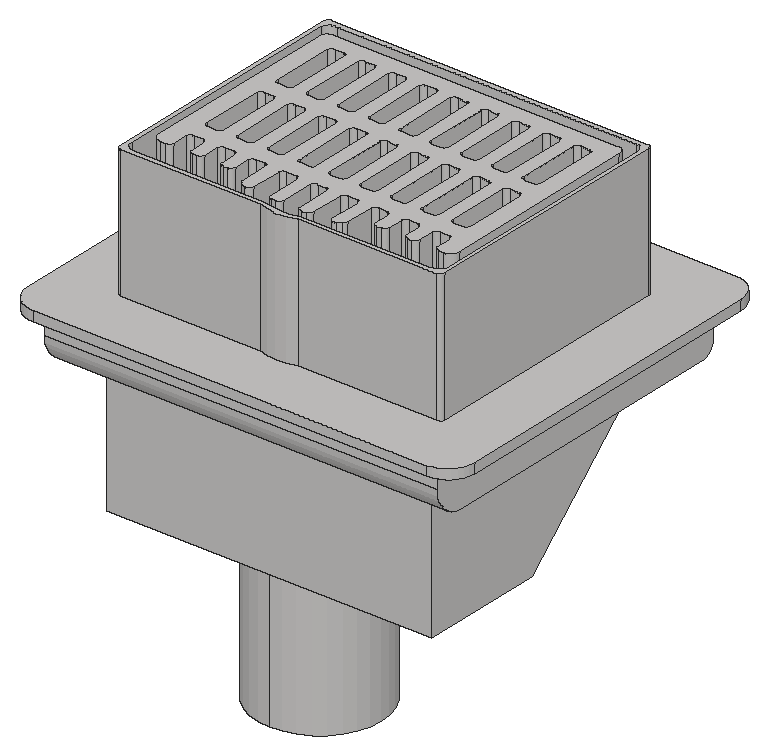
Revit family "Drain_Pit_Zurn_Z1739", category Plumbing Fixtures, host Face, Revit 2022 (continued)
Definition of nested family "Butt-Weld"
  Dimensions and locks (in)
    aligned and locked: Extrusion 2 to plane 13
    aligned and locked: plane 14 to Extrusion 2
    aligned and locked: Extrusion 3 to plane 16
    aligned and locked: Extrusion 3 to plane 15
    aligned and locked: Sweep 4 sketch curve to plane 1 "Center (Front/Back)"
    aligned and locked: plane 5 to Sweep 4 sketch curve
    aligned and locked: Extrusion 3 to Sweep 4 sketch curve
    aligned and locked: Extrusion 5 to level
    aligned and locked: plane 4 "Grate Plane" to Extrusion 5
    aligned and locked: Extrusion 5 to plane 19
    aligned and locked: plane 20 to Extrusion 5
    aligned and locked: plane 17 to Extrusion 5
    aligned and locked: Extrusion 5 to plane 18
    aligned and locked: plane 3 "Center (Left/Right)" to Extrusion 5 sketch curve  (x2)
    aligned and locked: plane 1 "Center (Front/Back)" to Extrusion 5 sketch curve  (x2)
    aligned and locked: plane 16 to Masking region 1 sketch curve
    aligned and locked: Masking region 1 to Masking region 1
    aligned and locked: plane 1 "Center (Front/Back)" to curve 169
    aligned and locked: plane 3 "Center (Left/Right)" to curve 169
    aligned and locked: plane 1 "Center (Front/Back)" to curve 158
    aligned and locked: plane 3 "Center (Left/Right)" to curve 158
  Automatic sketch dimensions
    Extrusion 1 sketch curve to plane 11 = 0.000"
    Extrusion 1 sketch curve to plane 10 = 0.000"
    Extrusion 1 sketch curve to plane 9 = 0.000"
    Extrusion 1 sketch curve to plane 12 = 0.000"
    plane 11 to Extrusion 1 sketch curve = 0.7874"  (x2)
    Extrusion 1 sketch curve to plane 15 = 0.66612"
    plane 14 to Extrusion 1 sketch curve = 0.0126"
    Extrusion 2 sketch curve to plane 13 = 0.000"
    plane 16 to Extrusion 2 sketch curve = 0.000"
    Extrusion 2 sketch curve to level = 0.000"
    Extrusion 2 sketch curve to plane 14 = 0.000"
    Extrusion 2 sketch curve to plane 15 = 0.17812"
    Extrusion 2 sketch curve to Extrusion 2 sketch curve = 0.375"
    Extrusion 6 sketch curve to Extrusion 6 sketch curve = 0.000"  (x7)
    Extrusion 6 sketch curve to plane 22 = 0.000"  (x9)
    Extrusion 6 sketch curve to plane 23 = 0.000"  (x9)
    Extrusion 6 sketch curve to plane 21 = 0.000"  (x9)
    plane 19 to Extrusion 6 sketch curve = 0.34424"
    Extrusion 6 sketch curve to Extrusion 6 sketch curve = 0.250"  (x34)
    Extrusion 6 sketch curve to Extrusion 6 sketch curve = 0.15625"  (x2)
    plane 24 to Extrusion 6 sketch curve = 0.12492"  (x11)
    plane 19 to Extrusion 6 sketch curve = 0.87549"
    Extrusion 6 sketch curve to Extrusion 6 sketch curve = 0.125"  (x50)
    plane 22 to Extrusion 6 sketch curve = 0.125"  (x3)
    plane 1 "Center (Front/Back)" to Extrusion 6 sketch curve = 0.05179"  (x13)
    Extrusion 6 sketch curve to plane 24 = 0.00008"  (x7)
    Extrusion 6 sketch curve to plane 23 = 0.125"  (x11)
    Extrusion 6 sketch curve to plane 21 = 0.125"  (x12)
    Extrusion 6 sketch curve to Extrusion 6 sketch curve = 0.375"  (x17)
    plane 25 to Extrusion 6 sketch curve = 0.00004"  (x4)
    Extrusion 6 sketch curve to Extrusion 6 sketch curve = 0.2786"
    Extrusion 6 sketch curve to plane 3 "Center (Left/Right)" = 0.24951"  (x2)
    Extrusion 6 sketch curve to plane 3 "Center (Left/Right)" = 0.2209"
    Extrusion 6 sketch curve to plane 3 "Center (Left/Right)" = 0.12451"  (x4)
    Extrusion 6 sketch curve to plane 3 "Center (Left/Right)" = 0.00385"
    plane 3 "Center (Left/Right)" to Extrusion 6 sketch curve = 0.00049"
    plane 3 "Center (Left/Right)" to Extrusion 6 sketch curve = 0.0291"
    plane 3 "Center (Left/Right)" to Extrusion 6 sketch curve = 0.12115"
    plane 3 "Center (Left/Right)" to Extrusion 6 sketch curve = 0.12549"  (x4)
    Extrusion 6 sketch curve to Extrusion 6 sketch curve = 0.25435"
    plane 1 "Center (Front/Back)" to Extrusion 6 sketch curve = 0.05182"
    Extrusion 6 sketch curve to Extrusion 6 sketch curve = 0.12504"
    plane 1 "Center (Front/Back)" to Extrusion 6 sketch curve = 0.05175"
    Extrusion 6 sketch curve to Extrusion 6 sketch curve = 0.28027"
    Extrusion 6 sketch curve to Extrusion 6 sketch curve = 0.24902"
    plane 1 "Center (Front/Back)" to Extrusion 6 sketch curve = 0.35251"  (x2)
    Extrusion 6 sketch curve to Extrusion 6 sketch curve = 0.42569"
    Extrusion 6 sketch curve to Extrusion 6 sketch curve = 0.42573"  (x3)
    plane 18 to Extrusion 6 sketch curve = 0.58845"  (x2)
    Extrusion 6 sketch curve to Extrusion 6 sketch curve = 0.06598"  (x2)
    plane 18 to Extrusion 6 sketch curve = 0.47166"
    plane 18 to Extrusion 6 sketch curve = 0.4681"
    Extrusion 6 sketch curve to Extrusion 6 sketch curve = 0.01969"  (x2)
    Extrusion 6 sketch curve to plane 8 = 0.70807"
    Extrusion 6 sketch curve to Extrusion 6 sketch curve = 0.19387"
    Extrusion 6 sketch curve to Extrusion 6 sketch curve = 0.00356"
    plane 21 to Extrusion 6 sketch curve = 0.250"
    curve 147 to level = 0.000"
    curve 146 to plane 16 = 0.000"
    plane 11 to curve 147 = 0.4626"
    curve 147 to curve 148 = 0.3248"
    curve 146 to plane 19 = 0.48179"
    curve 145 to plane 19 = 0.00098"
    plane 20 to curve 145 = 0.00098"
    plane 20 to curve 148 = 0.48179"
    plane 20 to curve 146 = 0.48179"
    curve 147 to plane 12 = 0.3937"
    plane 16 to curve 145 = 3.71699"
    level to curve 148 = 0.27165"
    curve 151 to level = 0.000"
    plane 16 to curve 150 = 0.000"
    curve 149 to plane 15 = 0.000"
    curve 152 to plane 15 = 0.16572"
    curve 150 to plane 15 = 0.17812"
    plane 9 to curve 151 = 0.200"
    curve 149 to plane 8 = 0.57812"
    curve 150 to plane 14 = 0.375"
    curve 152 to plane 14 = 0.075"
    curve 151 to plane 10 = 0.400"
    plane 16 to curve 149 = 3.71699"
    level to curve 152 = 0.27165"
    curve 199 to curve 223 = 0.000"  (x2)
    curve 155 to plane 19 = 0.000"
    curve 156 to plane 18 = 0.000"
    curve 153 to plane 17 = 0.000"
    curve 159 to plane 18 = 0.000"
    curve 161 to plane 20 = 0.000"
    plane 19 to curve 172 = 0.12368"
    plane 19 to curve 157 = 0.125"
    curve 154 to plane 17 = 0.125"
    plane 19 to curve 173 = 0.34424"
    curve 171 to curve 171 = 0.25072"
    curve 163 to curve 163 = 0.25258"
    curve 163 to curve 251 = 0.21798"
    curve 173 to curve 174 = 0.250"
    curve 174 to curve 175 = 0.15625"
    curve 176 to curve 177 = 0.125"
    curve 252 to curve 6 = 0.28125"
    plane 8 to curve 137 = 0.13568"
    curve 137 to curve 5 = 0.000"
    plane 1 "Center (Front/Back)" to curve 178 = 0.05179"
    curve 177 to curve 178 = 0.125"
    curve 5 to curve 5 = 0.125"
    curve 138 to curve 139 = 0.125"
    curve 137 to curve 143 = 0.125"
    curve 6 to curve 7 = 0.125"
    curve 5 to curve 3 = 0.250"
    curve 144 to curve 143 = 0.250"
    plane 8 to curve 140 = 0.13568"
    curve 138 to curve 140 = 0.250"
    curve 178 to curve 179 = 0.250"
    curve 7 to curve 8 = 0.250"
    curve 1 to curve 2 = 0.125"
    plane 1 "Center (Front/Back)" to curve 181 = 0.05179"
    curve 181 to curve 183 = 0.125"
    curve 182 to curve 184 = 0.125"
    curve 2 to curve 12 = 0.375"
    plane 8 to curve 129 = 0.13568"
    curve 140 to curve 129 = 0.375"
    curve 184 to curve 185 = 0.125"
    curve 130 to curve 130 = 0.125"
    curve 129 to curve 136 = 0.125"
    curve 12 to curve 11 = 0.125"
    curve 13 to curve 14 = 0.125"
    curve 187 to plane 1 "Center (Front/Back)" = 0.07321"
    curve 185 to curve 187 = 0.125"
    curve 187 to curve 187 = 0.250"
    curve 130 to curve 131 = 0.250"
    curve 13 to curve 15 = 0.250"
    curve 135 to curve 135 = 0.250"
    curve 10 to curve 10 = 0.250"
    curve 132 to curve 133 = 0.125"
    curve 188 to curve 189 = 0.125"
    curve 9 to curve 16 = 0.125"
    curve 190 to curve 190 = 0.125"
    curve 190 to curve 191 = 0.125"
    curve 192 to curve 193 = 0.125"
    plane 8 to curve 121 = 0.13568"
    curve 132 to curve 121 = 0.375"
    curve 9 to curve 20 = 0.375"
    curve 20 to curve 21 = 0.125"
    curve 128 to curve 128 = 0.125"
    curve 195 to plane 1 "Center (Front/Back)" = 0.07321"
    curve 194 to curve 195 = 0.125"
    curve 121 to curve 122 = 0.125"
    curve 19 to curve 19 = 0.125"
    curve 128 to curve 127 = 0.250"
    curve 19 to curve 17 = 0.250"
    curve 122 to curve 123 = 0.250"
    curve 194 to curve 195 = 0.250"
    curve 21 to curve 23 = 0.250"
    curve 23 to curve 24 = 0.125"
    curve 124 to curve 125 = 0.125"
    plane 1 "Center (Front/Back)" to curve 197 = 0.05179"
    curve 198 to curve 198 = 0.125"
    curve 198 to curve 200 = 0.125"
    curve 23 to curve 28 = 0.375"
    curve 200 to curve 201 = 0.125"
    plane 8 to curve 113 = 0.13568"
    curve 124 to curve 113 = 0.375"
    curve 114 to curve 114 = 0.125"
    curve 29 to curve 30 = 0.125"
    curve 27 to curve 27 = 0.125"
    curve 203 to plane 1 "Center (Front/Back)" = 0.07321"
    curve 202 to curve 203 = 0.125"
    curve 113 to curve 120 = 0.125"
    curve 120 to curve 119 = 0.250"
    plane 8 to curve 116 = 0.13568"
    curve 114 to curve 116 = 0.250"
    curve 29 to curve 30 = 0.250"
    curve 27 to curve 25 = 0.250"
    plane 1 "Center (Front/Back)" to curve 204 = 0.05179"
    curve 202 to curve 204 = 0.2786"
    curve 25 to curve 32 = 0.125"
    curve 206 to curve 206 = 0.125"
    plane 18 to curve 170 = 0.12361"
    curve 206 to curve 208 = 0.125"
    curve 37 to plane 3 "Center (Left/Right)" = 0.24951"
    curve 105 to plane 3 "Center (Left/Right)" = 0.24951"
    curve 208 to curve 209 = 0.125"
    curve 36 to plane 3 "Center (Left/Right)" = 0.12451"
    curve 112 to plane 3 "Center (Left/Right)" = 0.12451"
    curve 38 to plane 3 "Center (Left/Right)" = 0.12451"
    curve 106 to plane 3 "Center (Left/Right)" = 0.12451"
    curve 211 to plane 3 "Center (Left/Right)" = 0.0959"
    curve 215 to plane 3 "Center (Left/Right)" = 0.00385"
    plane 3 "Center (Left/Right)" to curve 223 = 0.00049"
    plane 3 "Center (Left/Right)" to curve 207 = 0.0291"
    plane 3 "Center (Left/Right)" to curve 211 = 0.12115"
    plane 3 "Center (Left/Right)" to curve 39 = 0.12549"
    plane 3 "Center (Left/Right)" to curve 108 = 0.12549"
    plane 3 "Center (Left/Right)" to curve 110 = 0.12549"
    plane 3 "Center (Left/Right)" to curve 34 = 0.12549"
    plane 3 "Center (Left/Right)" to curve 213 = 0.24615"
    curve 34 to curve 33 = 0.125"
    curve 110 to curve 109 = 0.125"
    curve 213 to curve 214 = 0.125"
    plane 18 to curve 168 = 0.12361"
    curve 214 to curve 216 = 0.125"
    curve 216 to curve 217 = 0.125"
    curve 33 to curve 45 = 0.375"
    plane 8 to curve 97 = 0.13568"
    curve 109 to curve 97 = 0.375"
    curve 219 to plane 1 "Center (Front/Back)" = 0.07321"
    curve 217 to curve 219 = 0.125"
    curve 97 to curve 103 = 0.125"
    curve 46 to curve 47 = 0.125"
    curve 98 to curve 98 = 0.125"
    curve 44 to curve 44 = 0.125"
    plane 1 "Center (Front/Back)" to curve 220 = 0.05179"
    curve 218 to curve 220 = 0.25435"
    curve 44 to curve 42 = 0.250"
    curve 46 to curve 48 = 0.250"
    curve 103 to curve 103 = 0.250"
    curve 98 to curve 99 = 0.250"
    curve 100 to curve 101 = 0.125"
    curve 48 to curve 41 = 0.125"
    curve 221 to curve 222 = 0.125"
    curve 222 to curve 224 = 0.125"
    plane 8 to curve 93 = 0.13568"
    curve 100 to curve 93 = 0.375"
    plane 1 "Center (Front/Back)" to curve 225 = 0.05179"
    curve 221 to curve 225 = 0.375"
    curve 41 to curve 53 = 0.375"
    curve 226 to curve 226 = 0.125"
    curve 92 to curve 91 = 0.125"
    curve 53 to curve 51 = 0.125"
    curve 53 to curve 55 = 0.125"
    curve 94 to curve 94 = 0.125"
    curve 54 to curve 56 = 0.250"
    curve 52 to curve 51 = 0.250"
    curve 227 to curve 227 = 0.250"
    curve 91 to curve 91 = 0.250"
    curve 94 to curve 96 = 0.250"
    curve 56 to curve 49 = 0.125"
    curve 90 to curve 89 = 0.125"
    plane 1 "Center (Front/Back)" to curve 229 = 0.05179"
    curve 229 to curve 230 = 0.125"
    curve 230 to curve 232 = 0.125"
    curve 49 to curve 61 = 0.375"
    plane 8 to curve 81 = 0.13568"
    curve 96 to curve 81 = 0.375"
    curve 232 to curve 233 = 0.125"
    curve 82 to curve 82 = 0.125"
    curve 235 to plane 1 "Center (Front/Back)" = 0.07321"
    curve 233 to curve 235 = 0.125"
    curve 81 to curve 87 = 0.125"
    curve 62 to curve 63 = 0.125"
    curve 60 to curve 60 = 0.125"
    curve 62 to curve 64 = 0.250"
    curve 88 to curve 87 = 0.250"
    plane 8 to curve 84 = 0.13568"
    curve 82 to curve 84 = 0.250"
    plane 1 "Center (Front/Back)" to curve 236 = 0.05179"
    curve 234 to curve 236 = 0.250"
    curve 59 to curve 59 = 0.250"
    curve 58 to curve 57 = 0.125"
    curve 237 to curve 238 = 0.125"
    curve 238 to curve 240 = 0.125"
    curve 64 to curve 69 = 0.375"
    plane 8 to curve 77 = 0.13568"
    curve 84 to curve 77 = 0.375"
    plane 1 "Center (Front/Back)" to curve 241 = 0.05182"
    curve 236 to curve 241 = 0.375"
    curve 69 to curve 70 = 0.125"
    curve 76 to curve 76 = 0.125"
    curve 68 to curve 68 = 0.125"
    curve 78 to curve 79 = 0.125"
    curve 241 to curve 242 = 0.12504"
    curve 75 to curve 75 = 0.250"
    curve 78 to curve 79 = 0.250"
    curve 70 to curve 71 = 0.250"
    curve 67 to curve 67 = 0.250"
    curve 242 to curve 243 = 0.250"
    curve 66 to curve 65 = 0.125"
    plane 1 "Center (Front/Back)" to curve 245 = 0.05175"
    curve 74 to curve 73 = 0.125"
    curve 245 to curve 247 = 0.125"
    curve 251 to plane 20 = 0.59424"
    curve 247 to curve 247 = 0.15625"
    curve 168 to plane 20 = 0.4244"
    curve 168 to curve 167 = 0.03097"
    curve 250 to curve 165 = 0.23149"
    curve 250 to curve 249 = 0.250"
    curve 159 to plane 20 = 0.125"
    curve 153 to plane 20 = 0.125"
    curve 166 to plane 20 = 0.10252"
    curve 168 to curve 214 = 0.3248"
    curve 170 to curve 208 = 0.32836"
    curve 214 to curve 217 = 0.01969"
    curve 208 to curve 205 = 0.01969"
    curve 216 to curve 221 = 0.05437"
    plane 18 to curve 201 = 0.52247"
    curve 200 to curve 198 = 0.06598"
    curve 222 to curve 225 = 0.06598"
    curve 231 to curve 234 = 0.55073"
    curve 191 to curve 193 = 0.55073"
    curve 183 to curve 185 = 0.55073"
    curve 239 to curve 242 = 0.55069"
    curve 175 to curve 178 = 0.55073"
    curve 167 to curve 247 = 0.42311"
    plane 1 "Center (Front/Back)" to curve 213 = 0.05179"
    curve 234 to curve 87 = 0.49988"
    curve 227 to curve 91 = 0.49988"
    curve 242 to curve 75 = 0.49988"
    curve 178 to curve 143 = 0.49988"
    curve 186 to curve 135 = 0.49988"
    curve 194 to curve 127 = 0.49988"
    curve 202 to curve 119 = 0.49988"
    curve 210 to curve 111 = 0.49988"
    curve 218 to curve 103 = 0.49988"
    curve 199 to plane 8 = 0.70807"
    curve 199 to curve 215 = 0.19387"
    curve 215 to curve 207 = 0.00356"
    plane 8 to curve 109 = 0.13568"
    curve 132 to curve 10 = 0.500"
    curve 78 to curve 67 = 0.500"
    curve 140 to curve 4 = 0.500"
    curve 123 to curve 18 = 0.500"
    curve 115 to curve 26 = 0.500"
    curve 82 to curve 59 = 0.500"
    curve 107 to curve 35 = 0.500"
    curve 99 to curve 43 = 0.500"
    curve 95 to curve 51 = 0.500"
    curve 62 to plane 17 = 1.11432"
    curve 28 to plane 17 = 1.11432"
    curve 24 to curve 28 = 0.000"
    curve 64 to curve 65 = 0.000"
    curve 31 to curve 33 = 0.000"
    curve 16 to curve 20 = 0.000"
    curve 33 to curve 41 = 0.000"
    curve 56 to curve 61 = 0.000"
    curve 7 to curve 12 = 0.000"
    curve 65 to curve 250 = 0.375"
    curve 250 to curve 165 = 0.09741"
    curve 199 to curve 198 = 0.000"
    curve 207 to curve 206 = 0.000"
    curve 215 to curve 214 = 0.000"
    curve 223 to curve 222 = 0.000"
    Extrusion 3 sketch curve to plane 15 = 0.000"
    plane 16 to Extrusion 3 sketch curve = 0.000"
    plane 16 to Extrusion 3 sketch curve = 3.71699"
    Sweep 4 sketch curve to Sweep 4 sketch curve = 0.000"  (x2)
    Sweep 4 sketch curve to plane 3 "Center (Left/Right)" = 0.000"
    Sweep 4 sketch curve to profile plane = 0.000"
    Extrusion 5 sketch curve to plane 19 = 0.000"
    Extrusion 5 sketch curve to plane 18 = 0.000"  (x2)
    Extrusion 5 sketch curve to plane 17 = 0.000"
    Extrusion 5 sketch curve to plane 20 = 0.000"
    plane 19 to Extrusion 5 sketch curve = 0.12368"
    plane 19 to Extrusion 5 sketch curve = 0.125"
    Extrusion 5 sketch curve to Extrusion 5 sketch curve = 0.125"  (x2)
    Extrusion 5 sketch curve to Extrusion 5 sketch curve = 0.2494"
    Extrusion 5 sketch curve to Extrusion 5 sketch curve = 0.25258"
    plane 18 to Extrusion 5 sketch curve = 0.12361"  (x2)
    Extrusion 5 sketch curve to plane 20 = 0.4244"
    Extrusion 5 sketch curve to Extrusion 5 sketch curve = 0.03097"
    Extrusion 5 sketch curve to plane 20 = 0.36275"
    Extrusion 5 sketch curve to plane 17 = 0.125"
    Extrusion 5 sketch curve to plane 20 = 0.10252"
    Extrusion 5 sketch curve to Extrusion 5 sketch curve = 0.26692"
    Masking region 1 sketch curve to level = 0.000"  (x2)
    Masking region 1 sketch curve to plane 9 = 0.000"
    Masking region 1 sketch curve to plane 4 "Grate Plane" = 0.000"
    Masking region 1 sketch curve to plane 6 = 0.000"
    Masking region 1 sketch curve to plane 17 = 0.000"
    plane 16 to Masking region 1 sketch curve = 0.000"
    Masking region 1 sketch curve to plane 14 = 0.000"
    Masking region 1 sketch curve to plane 10 = 0.000"
    Masking region 1 sketch curve to plane 5 = 0.000"
    Masking region 1 sketch curve to plane 14 = 0.375"
    plane 16 to Masking region 1 sketch curve = 3.71699"
    Masking region 1 sketch curve to Masking region 1 sketch curve = 0.27165"  (x2)
Types (4): name | Product Weight (lbs) | Nominal Diameter | Model | Main Material | Dim 'x' | Dim 'D' | Dim 'A2' | Dim 'A1' | Dim 'A'
  Z1739-3 inch Butt-weld Outlet | 0 | 3.000" | "Z1739-3BW" | Steel - Zurn - Stainless - Type 304 | 1.409" | 1.534" | 1.750" | 1.534" | 3.068"
  Z1739-4 inch Butt-weld Outlet | 50 | 4.000" | "Z1739-4BW" | Steel - Zurn - Stainless - Type 304 | 1.888" | 2.013" | 2.250" | 2.013" | 4.026"
  ZM1739-3 inch Butt-weld Outlet | 0 | 3.000" | "Z1739-3BW" | Steel - Zurn- Stainless - Type - 316 | 1.409" | 1.534" | 1.750" | 1.534" | 3.068"
  ZM1739-4 inch Butt-weld Outlet | 0 | 4.000" | "Z1739-4BW" | Steel - Zurn- Stainless - Type - 316 | 1.888" | 2.013" | 2.250" | 2.013" | 4.026"
